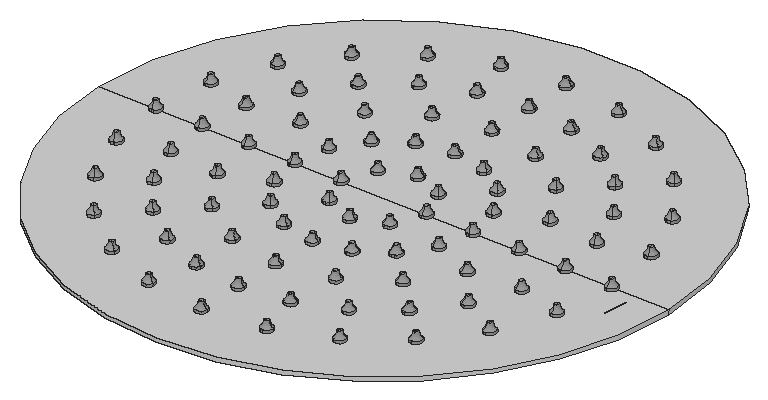
Revit family "Urbane II Rain Shower - 300mm Round", category Specialty Equipment, host Face, Revit 2019
Family settings
  Host = Face
  Round Connector Dimension = Use Radius
  Part Type = Normal
  OmniClass Number = 23.45.05.14.17
  OmniClass Title = Showers
  Cut with Voids When Loaded = No
  Shared = No
  Room Calculation Point = No
Parameters (values of type "Urbane II Rain Shower - 300mm Round - Chrome")
  URL = "https://www.caroma.com.au/"
  Model = "99634C3"
  Material_Spray = GWA-Plastic-General
  Material_Base = GWA_Metal-Chrome
  Manufacturer = "GWA Bathrooms & Kitchens"  # constant formula
  Description = "Urbane II Rain Shower - 300mm Round - Chrome"
  Default Elevation = 1000 mm
  CreatedBy_ANZRS = "GWA Bathrooms & Kitchens"  # constant formula
  Assembly Code = "D2010710"
Types (6, lengths in mm): name | Model | Material_Base | Description
  (no name) | "99634C3" | GWA_Metal-Chrome | "Urbane II Rain Shower - 300mm Round - Chrome"
  Urbane II Rain Shower - 300mm Round - Chrome | "99634C3" | GWA_Metal-Chrome | "Urbane II Rain Shower - 300mm Round - Chrome"
  Urbane II Rain Shower - 300mm Round - Matte Black | "99634B3" | GWA-Metal-Black | "Urbane II Rain Shower - 300mm Round - Matte Black"
  Urbane II Rain Shower - 300mm Round - Brushed Brass | "99634BB3" | GWA_Metal-Brushed-Brass | "Urbane II Rain Shower - 300mm Round - Brushed Brass"
  Urbane II Rain Shower - 300mm Round - Gunmetal | "99634GM3" | GWA-Metal-Gunmetal Grey | "Urbane II Rain Shower - 300mm Round - Gunmetal"
  Urbane II Rain Shower - 300mm Round - Brushed Nickel | "99634BN3" | GWA_Metal-Brushed-Nickel | "Urbane II Rain Shower - 300mm Round - Brushed Nickel"
Reference planes
  plane 1 "Center (Front/Back)": y = 0
  plane 2: z = 0
  plane 3 "Center (Left/Right)": x = 0
Forms (mm)
  Revolve 1, solid, material "GWA_Metal-Chrome" <- "Material_Base"
    sketch origin (0, 0, 43.3) x (-1, 0, 0) y (0, 0, -1)
      loop
        line (0, 0) -> (150, 0) -> (150, 2) -> (136.846, 2)
        arc (136.846, 2) -> (135.118, 2.125) -> (133.426, 2.498) r 12
        line (133.426, 2.498) -> (127.7, 4.2)
        arc (127.7, 4.2) -> (125.732, 5.535) -> (123.4, 6) r 6
        line (123.4, 6) -> (0, 6) -> (0, 0)
      axis (0, 6) -> (0, 0)
    angle from 0 to 360
  Revolve 2, solid, material "GWA_Metal-Chrome" <- "Material_Base"
    sketch origin (0, 0, 44.1) x (-1, 0, 0) y (0, 0, -1)
      loop
        line (0, 44.1) -> (-11.5, 44.1) -> (-11.5, 29.3) -> (-9, 28.6) -> (-9, 26.137)
        arc (-9, 26.137) -> (-10.937, 13.263) -> (0, 6.2) r 12
        line (0, 6.2) -> (0, 44.1)
      axis (0, 44.1) -> (0, 6.2)
    angle from 0 to 360
  Extrusion 3, void
    sketch origin (0, 0, 44.1) x (-1, 0, 0) y (0, 0, -1)
      loop
        line (-16, 34.3) -> (-16, 27.647) -> (-11, 27.647) -> (-11, 34.3) -> (-16, 34.3)
      loop
        line (16, 34.3) -> (11, 34.3) -> (11, 27.647) -> (16, 27.647) -> (16, 34.3)
    from -19.622 to 23.8
  Extrusion 4, void
    sketch origin (0, 0, 44.1) x (-1, 0, 0) y (0, 0, -1)
      loop
        line (-21.75, 25.341) -> (-21.75, 18.816) -> (-17.8, 18.816) -> (-17.8, 25.341) -> (-21.75, 25.341)
      loop
        line (21.75, 25.341) -> (17.8, 25.341) -> (17.8, 18.816) -> (21.75, 18.816) -> (21.75, 25.341)
    from -20 to 20
  Revolve 5, solid, material "GWA_Metal-Chrome" <- "Material_Base"
    sketch origin (0, 0, -0.8) x (1, 0, 0) y (0, 0, 1)
      loop
        line (0, 38.1) -> (0, 20.6) -> (17.5, 20.6)
        arc (17.5, 20.6) -> (18.561, 21.039) -> (19, 22.1) r 1.5
        line (19, 22.1) -> (19, 38.1) -> (0, 38.1)
      axis (0, 38.1) -> (0, 20.6)
    angle from 0 to 360
  Revolve 6, solid, material "GWA-Plastic-General" <- "Material_Spray", detail levels fine
    sketch origin (0, 22.5, 0) x (-1, 0, 0) y (0, 0, 1)
      loop
        line (0, 43.3) -> (0, 47.8) -> (-1.2, 47.8)
        arc (-1.2, 47.8) -> (-1.741, 45.865) -> (-3, 44.3) r 5
        line (-3, 44.3) -> (-3, 43.3) -> (0, 43.3)
      axis (0, 47.8) -> (0, 43.3)
    angle from 0 to 360
  Extrusion 7, void
    sketch origin (0, 0, -9) x (1, 0, 0) y (0, 0, 1)
      loop
        circle (0, 37.3) r 2
    from -20 to -18
  Revolve 8, solid, material "GWA-Plastic-General" <- "Material_Spray", detail levels fine
    sketch origin (0, 46.9, 0) x (-1, 0, 0) y (0, 0, 1)
      loop
        line (0, 43.3) -> (0, 47.8) -> (-1.2, 47.8)
        arc (-1.2, 47.8) -> (-1.741, 45.865) -> (-3, 44.3) r 5
        line (-3, 44.3) -> (-3, 43.3) -> (0, 43.3)
      axis (0, 47.8) -> (0, 43.3)
    angle from 0 to 360
  Revolve 9, solid, material "GWA-Plastic-General" <- "Material_Spray", detail levels fine
    sketch origin (0, 71.2, 0) x (-1, 0, 0) y (0, 0, 1)
      loop
        line (0, 43.3) -> (0, 47.8) -> (-1.2, 47.8)
        arc (-1.2, 47.8) -> (-1.741, 45.865) -> (-3, 44.3) r 5
        line (-3, 44.3) -> (-3, 43.3) -> (0, 43.3)
      axis (0, 47.8) -> (0, 43.3)
    angle from 0 to 360
  Revolve 10, solid, material "GWA-Plastic-General" <- "Material_Spray", detail levels fine
    sketch origin (0, 95.6, 0) x (-1, 0, 0) y (0, 0, 1)
      loop
        line (0, 43.3) -> (0, 47.8) -> (-1.2, 47.8)
        arc (-1.2, 47.8) -> (-1.741, 45.865) -> (-3, 44.3) r 5
        line (-3, 44.3) -> (-3, 43.3) -> (0, 43.3)
      axis (0, 47.8) -> (0, 43.3)
    angle from 0 to 360
  Revolve 11, solid, material "GWA-Plastic-General" <- "Material_Spray", detail levels fine
    sketch origin (0, 120, 0) x (-1, 0, 0) y (0, 0, 1)
      loop
        line (0, 43.3) -> (0, 47.8) -> (-1.2, 47.8)
        arc (-1.2, 47.8) -> (-1.741, 45.865) -> (-3, 44.3) r 5
        line (-3, 44.3) -> (-3, 43.3) -> (0, 43.3)
      axis (0, 47.8) -> (0, 43.3)
    angle from 0 to 360
  Revolve 12, solid, material "GWA-Plastic-General" <- "Material_Spray", detail levels fine
    sketch origin (15.91, 15.91, 0) x (-0.707107, 0.707107, 0) y (0, 0, 1)
      loop
        line (0, 43.3) -> (0, 47.8) -> (-1.2, 47.8)
        arc (-1.2, 47.8) -> (-1.741, 45.865) -> (-3, 44.3) r 5
        line (-3, 44.3) -> (-3, 43.3) -> (0, 43.3)
      axis (0, 47.8) -> (0, 43.3)
    angle from 0 to 360
  Revolve 13, solid, material "GWA-Plastic-General" <- "Material_Spray", detail levels fine
    sketch origin (-15.91, 15.91, 0) x (-0.707107, -0.707107, 0) y (0, 0, 1)
      loop
        line (0, 43.3) -> (0, 47.8) -> (-1.2, 47.8)
        arc (-1.2, 47.8) -> (-1.741, 45.865) -> (-3, 44.3) r 5
        line (-3, 44.3) -> (-3, 43.3) -> (0, 43.3)
      axis (0, 47.8) -> (0, 43.3)
    angle from 0 to 360
  Revolve 14, solid, material "GWA-Plastic-General" <- "Material_Spray", detail levels fine
    sketch origin (-22.5, 0, 0) x (0, -1, 0) y (0, 0, 1)
      loop
        line (0, 43.3) -> (0, 47.8) -> (-1.2, 47.8)
        arc (-1.2, 47.8) -> (-1.741, 45.865) -> (-3, 44.3) r 5
        line (-3, 44.3) -> (-3, 43.3) -> (0, 43.3)
      axis (0, 47.8) -> (0, 43.3)
    angle from 0 to 360
  Revolve 15, solid, material "GWA-Plastic-General" <- "Material_Spray", detail levels fine
    sketch origin (-15.91, -15.91, 0) x (0.707107, -0.707107, 0) y (0, 0, 1)
      loop
        line (0, 43.3) -> (0, 47.8) -> (-1.2, 47.8)
        arc (-1.2, 47.8) -> (-1.741, 45.865) -> (-3, 44.3) r 5
        line (-3, 44.3) -> (-3, 43.3) -> (0, 43.3)
      axis (0, 47.8) -> (0, 43.3)
    angle from 0 to 360
  Revolve 16, solid, material "GWA-Plastic-General" <- "Material_Spray", detail levels fine
    sketch origin (0, -22.5, 0) x (1, 0, 0) y (0, 0, 1)
      loop
        line (0, 43.3) -> (0, 47.8) -> (-1.2, 47.8)
        arc (-1.2, 47.8) -> (-1.741, 45.865) -> (-3, 44.3) r 5
        line (-3, 44.3) -> (-3, 43.3) -> (0, 43.3)
      axis (0, 47.8) -> (0, 43.3)
    angle from 0 to 360
  Revolve 17, solid, material "GWA-Plastic-General" <- "Material_Spray", detail levels fine
    sketch origin (15.91, -15.91, 0) x (0.707107, 0.707107, 0) y (0, 0, 1)
      loop
        line (0, 43.3) -> (0, 47.8) -> (-1.2, 47.8)
        arc (-1.2, 47.8) -> (-1.741, 45.865) -> (-3, 44.3) r 5
        line (-3, 44.3) -> (-3, 43.3) -> (0, 43.3)
      axis (0, 47.8) -> (0, 43.3)
    angle from 0 to 360
  Revolve 18, solid, material "GWA-Plastic-General" <- "Material_Spray", detail levels fine
    sketch origin (22.5, 0, 0) x (0, 1, 0) y (0, 0, 1)
      loop
        line (0, 43.3) -> (0, 47.8) -> (-1.2, 47.8)
        arc (-1.2, 47.8) -> (-1.741, 45.865) -> (-3, 44.3) r 5
        line (-3, 44.3) -> (-3, 43.3) -> (0, 43.3)
      axis (0, 47.8) -> (0, 43.3)
    angle from 0 to 360
  Revolve 19, solid, material "GWA-Plastic-General" <- "Material_Spray", detail levels fine
    sketch origin (17.948, 43.33, 0) x (-0.92388, 0.382683, 0) y (0, 0, 1)
      loop
        line (0, 43.3) -> (0, 47.8) -> (-1.2, 47.8)
        arc (-1.2, 47.8) -> (-1.741, 45.865) -> (-3, 44.3) r 5
        line (-3, 44.3) -> (-3, 43.3) -> (0, 43.3)
      axis (0, 47.8) -> (0, 43.3)
    angle from 0 to 360
  Revolve 20, solid, material "GWA-Plastic-General" <- "Material_Spray", detail levels fine
    sketch origin (-17.948, 43.33, 0) x (-0.92388, -0.382683, 0) y (0, 0, 1)
      loop
        line (0, 43.3) -> (0, 47.8) -> (-1.2, 47.8)
        arc (-1.2, 47.8) -> (-1.741, 45.865) -> (-3, 44.3) r 5
        line (-3, 44.3) -> (-3, 43.3) -> (0, 43.3)
      axis (0, 47.8) -> (0, 43.3)
    angle from 0 to 360
  Revolve 21, solid, material "GWA-Plastic-General" <- "Material_Spray", detail levels fine
    sketch origin (-33.163, 33.163, 0) x (-0.707107, -0.707107, 0) y (0, 0, 1)
      loop
        line (0, 43.3) -> (0, 47.8) -> (-1.2, 47.8)
        arc (-1.2, 47.8) -> (-1.741, 45.865) -> (-3, 44.3) r 5
        line (-3, 44.3) -> (-3, 43.3) -> (0, 43.3)
      axis (0, 47.8) -> (0, 43.3)
    angle from 0 to 360
  Revolve 22, solid, material "GWA-Plastic-General" <- "Material_Spray", detail levels fine
    sketch origin (-43.33, 17.948, 0) x (-0.382683, -0.92388, 0) y (0, 0, 1)
      loop
        line (0, 43.3) -> (0, 47.8) -> (-1.2, 47.8)
        arc (-1.2, 47.8) -> (-1.741, 45.865) -> (-3, 44.3) r 5
        line (-3, 44.3) -> (-3, 43.3) -> (0, 43.3)
      axis (0, 47.8) -> (0, 43.3)
    angle from 0 to 360
  Revolve 23, solid, material "GWA-Plastic-General" <- "Material_Spray", detail levels fine
    sketch origin (-46.9, 0, 0) x (0, -1, 0) y (0, 0, 1)
      loop
        line (0, 43.3) -> (0, 47.8) -> (-1.2, 47.8)
        arc (-1.2, 47.8) -> (-1.741, 45.865) -> (-3, 44.3) r 5
        line (-3, 44.3) -> (-3, 43.3) -> (0, 43.3)
      axis (0, 47.8) -> (0, 43.3)
    angle from 0 to 360
  Revolve 24, solid, material "GWA-Plastic-General" <- "Material_Spray", detail levels fine
    sketch origin (-43.33, -17.948, 0) x (0.382683, -0.92388, 0) y (0, 0, 1)
      loop
        line (0, 43.3) -> (0, 47.8) -> (-1.2, 47.8)
        arc (-1.2, 47.8) -> (-1.741, 45.865) -> (-3, 44.3) r 5
        line (-3, 44.3) -> (-3, 43.3) -> (0, 43.3)
      axis (0, 47.8) -> (0, 43.3)
    angle from 0 to 360
  Revolve 25, solid, material "GWA-Plastic-General" <- "Material_Spray", detail levels fine
    sketch origin (-33.163, -33.163, 0) x (0.707107, -0.707107, 0) y (0, 0, 1)
      loop
        line (0, 43.3) -> (0, 47.8) -> (-1.2, 47.8)
        arc (-1.2, 47.8) -> (-1.741, 45.865) -> (-3, 44.3) r 5
        line (-3, 44.3) -> (-3, 43.3) -> (0, 43.3)
      axis (0, 47.8) -> (0, 43.3)
    angle from 0 to 360
  Revolve 26, solid, material "GWA-Plastic-General" <- "Material_Spray", detail levels fine
    sketch origin (-17.948, -43.33, 0) x (0.92388, -0.382683, 0) y (0, 0, 1)
      loop
        line (0, 43.3) -> (0, 47.8) -> (-1.2, 47.8)
        arc (-1.2, 47.8) -> (-1.741, 45.865) -> (-3, 44.3) r 5
        line (-3, 44.3) -> (-3, 43.3) -> (0, 43.3)
      axis (0, 47.8) -> (0, 43.3)
    angle from 0 to 360
  Revolve 27, solid, material "GWA-Plastic-General" <- "Material_Spray", detail levels fine
    sketch origin (0, -46.9, 0) x (1, 0, 0) y (0, 0, 1)
      loop
        line (0, 43.3) -> (0, 47.8) -> (-1.2, 47.8)
        arc (-1.2, 47.8) -> (-1.741, 45.865) -> (-3, 44.3) r 5
        line (-3, 44.3) -> (-3, 43.3) -> (0, 43.3)
      axis (0, 47.8) -> (0, 43.3)
    angle from 0 to 360
  Revolve 28, solid, material "GWA-Plastic-General" <- "Material_Spray", detail levels fine
    sketch origin (17.948, -43.33, 0) x (0.92388, 0.382683, 0) y (0, 0, 1)
      loop
        line (0, 43.3) -> (0, 47.8) -> (-1.2, 47.8)
        arc (-1.2, 47.8) -> (-1.741, 45.865) -> (-3, 44.3) r 5
        line (-3, 44.3) -> (-3, 43.3) -> (0, 43.3)
      axis (0, 47.8) -> (0, 43.3)
    angle from 0 to 360
  Revolve 29, solid, material "GWA-Plastic-General" <- "Material_Spray", detail levels fine
    sketch origin (33.163, -33.163, 0) x (0.707107, 0.707107, 0) y (0, 0, 1)
      loop
        line (0, 43.3) -> (0, 47.8) -> (-1.2, 47.8)
        arc (-1.2, 47.8) -> (-1.741, 45.865) -> (-3, 44.3) r 5
        line (-3, 44.3) -> (-3, 43.3) -> (0, 43.3)
      axis (0, 47.8) -> (0, 43.3)
    angle from 0 to 360
  Revolve 30, solid, material "GWA-Plastic-General" <- "Material_Spray", detail levels fine
    sketch origin (43.33, -17.948, 0) x (0.382683, 0.92388, 0) y (0, 0, 1)
      loop
        line (0, 43.3) -> (0, 47.8) -> (-1.2, 47.8)
        arc (-1.2, 47.8) -> (-1.741, 45.865) -> (-3, 44.3) r 5
        line (-3, 44.3) -> (-3, 43.3) -> (0, 43.3)
      axis (0, 47.8) -> (0, 43.3)
    angle from 0 to 360
  Revolve 31, solid, material "GWA-Plastic-General" <- "Material_Spray", detail levels fine
    sketch origin (46.9, 0, 0) x (0, 1, 0) y (0, 0, 1)
      loop
        line (0, 43.3) -> (0, 47.8) -> (-1.2, 47.8)
        arc (-1.2, 47.8) -> (-1.741, 45.865) -> (-3, 44.3) r 5
        line (-3, 44.3) -> (-3, 43.3) -> (0, 43.3)
      axis (0, 47.8) -> (0, 43.3)
    angle from 0 to 360
  Revolve 32, solid, material "GWA-Plastic-General" <- "Material_Spray", detail levels fine
    sketch origin (43.33, 17.948, 0) x (-0.382683, 0.92388, 0) y (0, 0, 1)
      loop
        line (0, 43.3) -> (0, 47.8) -> (-1.2, 47.8)
        arc (-1.2, 47.8) -> (-1.741, 45.865) -> (-3, 44.3) r 5
        line (-3, 44.3) -> (-3, 43.3) -> (0, 43.3)
      axis (0, 47.8) -> (0, 43.3)
    angle from 0 to 360
  Revolve 33, solid, material "GWA-Plastic-General" <- "Material_Spray", detail levels fine
    sketch origin (33.163, 33.163, 0) x (-0.707107, 0.707107, 0) y (0, 0, 1)
      loop
        line (0, 43.3) -> (0, 47.8) -> (-1.2, 47.8)
        arc (-1.2, 47.8) -> (-1.741, 45.865) -> (-3, 44.3) r 5
        line (-3, 44.3) -> (-3, 43.3) -> (0, 43.3)
      axis (0, 47.8) -> (0, 43.3)
    angle from 0 to 360
  Revolve 34, solid, material "GWA-Plastic-General" <- "Material_Spray", detail levels fine
    sketch origin (27.247, 65.78, 0) x (-0.92388, 0.382683, 0) y (0, 0, 1)
      loop
        line (0, 43.3) -> (0, 47.8) -> (-1.2, 47.8)
        arc (-1.2, 47.8) -> (-1.741, 45.865) -> (-3, 44.3) r 5
        line (-3, 44.3) -> (-3, 43.3) -> (0, 43.3)
      axis (0, 47.8) -> (0, 43.3)
    angle from 0 to 360
  Revolve 35, solid, material "GWA-Plastic-General" <- "Material_Spray", detail levels fine
    sketch origin (-27.247, 65.78, 0) x (-0.92388, -0.382683, 0) y (0, 0, 1)
      loop
        line (0, 43.3) -> (0, 47.8) -> (-1.2, 47.8)
        arc (-1.2, 47.8) -> (-1.741, 45.865) -> (-3, 44.3) r 5
        line (-3, 44.3) -> (-3, 43.3) -> (0, 43.3)
      axis (0, 47.8) -> (0, 43.3)
    angle from 0 to 360
  Revolve 36, solid, material "GWA-Plastic-General" <- "Material_Spray", detail levels fine
    sketch origin (-50.346, 50.346, 0) x (-0.707107, -0.707107, 0) y (0, 0, 1)
      loop
        line (0, 43.3) -> (0, 47.8) -> (-1.2, 47.8)
        arc (-1.2, 47.8) -> (-1.741, 45.865) -> (-3, 44.3) r 5
        line (-3, 44.3) -> (-3, 43.3) -> (0, 43.3)
      axis (0, 47.8) -> (0, 43.3)
    angle from 0 to 360
  Revolve 37, solid, material "GWA-Plastic-General" <- "Material_Spray", detail levels fine
    sketch origin (-65.78, 27.247, 0) x (-0.382683, -0.92388, 0) y (0, 0, 1)
      loop
        line (0, 43.3) -> (0, 47.8) -> (-1.2, 47.8)
        arc (-1.2, 47.8) -> (-1.741, 45.865) -> (-3, 44.3) r 5
        line (-3, 44.3) -> (-3, 43.3) -> (0, 43.3)
      axis (0, 47.8) -> (0, 43.3)
    angle from 0 to 360
  Revolve 38, solid, material "GWA-Plastic-General" <- "Material_Spray", detail levels fine
    sketch origin (-71.2, 0, 0) x (0, -1, 0) y (0, 0, 1)
      loop
        line (0, 43.3) -> (0, 47.8) -> (-1.2, 47.8)
        arc (-1.2, 47.8) -> (-1.741, 45.865) -> (-3, 44.3) r 5
        line (-3, 44.3) -> (-3, 43.3) -> (0, 43.3)
      axis (0, 47.8) -> (0, 43.3)
    angle from 0 to 360
  Revolve 39, solid, material "GWA-Plastic-General" <- "Material_Spray", detail levels fine
    sketch origin (-65.78, -27.247, 0) x (0.382683, -0.92388, 0) y (0, 0, 1)
      loop
        line (0, 43.3) -> (0, 47.8) -> (-1.2, 47.8)
        arc (-1.2, 47.8) -> (-1.741, 45.865) -> (-3, 44.3) r 5
        line (-3, 44.3) -> (-3, 43.3) -> (0, 43.3)
      axis (0, 47.8) -> (0, 43.3)
    angle from 0 to 360
  Revolve 40, solid, material "GWA-Plastic-General" <- "Material_Spray", detail levels fine
    sketch origin (-50.346, -50.346, 0) x (0.707107, -0.707107, 0) y (0, 0, 1)
      loop
        line (0, 43.3) -> (0, 47.8) -> (-1.2, 47.8)
        arc (-1.2, 47.8) -> (-1.741, 45.865) -> (-3, 44.3) r 5
        line (-3, 44.3) -> (-3, 43.3) -> (0, 43.3)
      axis (0, 47.8) -> (0, 43.3)
    angle from 0 to 360
  Revolve 41, solid, material "GWA-Plastic-General" <- "Material_Spray", detail levels fine
    sketch origin (-27.247, -65.78, 0) x (0.92388, -0.382683, 0) y (0, 0, 1)
      loop
        line (0, 43.3) -> (0, 47.8) -> (-1.2, 47.8)
        arc (-1.2, 47.8) -> (-1.741, 45.865) -> (-3, 44.3) r 5
        line (-3, 44.3) -> (-3, 43.3) -> (0, 43.3)
      axis (0, 47.8) -> (0, 43.3)
    angle from 0 to 360
  Revolve 42, solid, material "GWA-Plastic-General" <- "Material_Spray", detail levels fine
    sketch origin (0, -71.2, 0) x (1, 0, 0) y (0, 0, 1)
      loop
        line (0, 43.3) -> (0, 47.8) -> (-1.2, 47.8)
        arc (-1.2, 47.8) -> (-1.741, 45.865) -> (-3, 44.3) r 5
        line (-3, 44.3) -> (-3, 43.3) -> (0, 43.3)
      axis (0, 47.8) -> (0, 43.3)
    angle from 0 to 360
  Revolve 43, solid, material "GWA-Plastic-General" <- "Material_Spray", detail levels fine
    sketch origin (27.247, -65.78, 0) x (0.92388, 0.382683, 0) y (0, 0, 1)
      loop
        line (0, 43.3) -> (0, 47.8) -> (-1.2, 47.8)
        arc (-1.2, 47.8) -> (-1.741, 45.865) -> (-3, 44.3) r 5
        line (-3, 44.3) -> (-3, 43.3) -> (0, 43.3)
      axis (0, 47.8) -> (0, 43.3)
    angle from 0 to 360
  Revolve 44, solid, material "GWA-Plastic-General" <- "Material_Spray", detail levels fine
    sketch origin (50.346, -50.346, 0) x (0.707107, 0.707107, 0) y (0, 0, 1)
      loop
        line (0, 43.3) -> (0, 47.8) -> (-1.2, 47.8)
        arc (-1.2, 47.8) -> (-1.741, 45.865) -> (-3, 44.3) r 5
        line (-3, 44.3) -> (-3, 43.3) -> (0, 43.3)
      axis (0, 47.8) -> (0, 43.3)
    angle from 0 to 360
  Revolve 45, solid, material "GWA-Plastic-General" <- "Material_Spray", detail levels fine
    sketch origin (65.78, -27.247, 0) x (0.382683, 0.92388, 0) y (0, 0, 1)
      loop
        line (0, 43.3) -> (0, 47.8) -> (-1.2, 47.8)
        arc (-1.2, 47.8) -> (-1.741, 45.865) -> (-3, 44.3) r 5
        line (-3, 44.3) -> (-3, 43.3) -> (0, 43.3)
      axis (0, 47.8) -> (0, 43.3)
    angle from 0 to 360
  Revolve 46, solid, material "GWA-Plastic-General" <- "Material_Spray", detail levels fine
    sketch origin (71.2, 0, 0) x (0, 1, 0) y (0, 0, 1)
      loop
        line (0, 43.3) -> (0, 47.8) -> (-1.2, 47.8)
        arc (-1.2, 47.8) -> (-1.741, 45.865) -> (-3, 44.3) r 5
        line (-3, 44.3) -> (-3, 43.3) -> (0, 43.3)
      axis (0, 47.8) -> (0, 43.3)
    angle from 0 to 360
  Revolve 47, solid, material "GWA-Plastic-General" <- "Material_Spray", detail levels fine
    sketch origin (65.78, 27.247, 0) x (-0.382683, 0.92388, 0) y (0, 0, 1)
      loop
        line (0, 43.3) -> (0, 47.8) -> (-1.2, 47.8)
        arc (-1.2, 47.8) -> (-1.741, 45.865) -> (-3, 44.3) r 5
        line (-3, 44.3) -> (-3, 43.3) -> (0, 43.3)
      axis (0, 47.8) -> (0, 43.3)
    angle from 0 to 360
  Revolve 48, solid, material "GWA-Plastic-General" <- "Material_Spray", detail levels fine
    sketch origin (50.346, 50.346, 0) x (-0.707107, 0.707107, 0) y (0, 0, 1)
      loop
        line (0, 43.3) -> (0, 47.8) -> (-1.2, 47.8)
        arc (-1.2, 47.8) -> (-1.741, 45.865) -> (-3, 44.3) r 5
        line (-3, 44.3) -> (-3, 43.3) -> (0, 43.3)
      axis (0, 47.8) -> (0, 43.3)
    angle from 0 to 360
  Revolve 49, solid, material "GWA-Plastic-General" <- "Material_Spray", detail levels fine
    sketch origin (24.743, 92.343, 0) x (-0.965926, 0.258819, 0) y (0, 0, 1)
      loop
        line (0, 43.3) -> (0, 47.8) -> (-1.2, 47.8)
        arc (-1.2, 47.8) -> (-1.741, 45.865) -> (-3, 44.3) r 5
        line (-3, 44.3) -> (-3, 43.3) -> (0, 43.3)
      axis (0, 47.8) -> (0, 43.3)
    angle from 0 to 360
  Revolve 50, solid, material "GWA-Plastic-General" <- "Material_Spray", detail levels fine
    sketch origin (-24.743, 92.343, 0) x (-0.965926, -0.258819, 0) y (0, 0, 1)
      loop
        line (0, 43.3) -> (0, 47.8) -> (-1.2, 47.8)
        arc (-1.2, 47.8) -> (-1.741, 45.865) -> (-3, 44.3) r 5
        line (-3, 44.3) -> (-3, 43.3) -> (0, 43.3)
      axis (0, 47.8) -> (0, 43.3)
    angle from 0 to 360
  Revolve 51, solid, material "GWA-Plastic-General" <- "Material_Spray", detail levels fine
    sketch origin (-47.8, 82.792, 0) x (-0.866025, -0.5, 0) y (0, 0, 1)
      loop
        line (0, 43.3) -> (0, 47.8) -> (-1.2, 47.8)
        arc (-1.2, 47.8) -> (-1.741, 45.865) -> (-3, 44.3) r 5
        line (-3, 44.3) -> (-3, 43.3) -> (0, 43.3)
      axis (0, 47.8) -> (0, 43.3)
    angle from 0 to 360
  Revolve 52, solid, material "GWA-Plastic-General" <- "Material_Spray", detail levels fine
    sketch origin (-67.599, 67.599, 0) x (-0.707107, -0.707107, 0) y (0, 0, 1)
      loop
        line (0, 43.3) -> (0, 47.8) -> (-1.2, 47.8)
        arc (-1.2, 47.8) -> (-1.741, 45.865) -> (-3, 44.3) r 5
        line (-3, 44.3) -> (-3, 43.3) -> (0, 43.3)
      axis (0, 47.8) -> (0, 43.3)
    angle from 0 to 360
  Revolve 53, solid, material "GWA-Plastic-General" <- "Material_Spray", detail levels fine
    sketch origin (-82.792, 47.8, 0) x (-0.5, -0.866025, 0) y (0, 0, 1)
      loop
        line (0, 43.3) -> (0, 47.8) -> (-1.2, 47.8)
        arc (-1.2, 47.8) -> (-1.741, 45.865) -> (-3, 44.3) r 5
        line (-3, 44.3) -> (-3, 43.3) -> (0, 43.3)
      axis (0, 47.8) -> (0, 43.3)
    angle from 0 to 360
  Revolve 54, solid, material "GWA-Plastic-General" <- "Material_Spray", detail levels fine
    sketch origin (-92.343, 24.743, 0) x (-0.258819, -0.965926, 0) y (0, 0, 1)
      loop
        line (0, 43.3) -> (0, 47.8) -> (-1.2, 47.8)
        arc (-1.2, 47.8) -> (-1.741, 45.865) -> (-3, 44.3) r 5
        line (-3, 44.3) -> (-3, 43.3) -> (0, 43.3)
      axis (0, 47.8) -> (0, 43.3)
    angle from 0 to 360
  Revolve 55, solid, material "GWA-Plastic-General" <- "Material_Spray", detail levels fine
    sketch origin (-95.6, 0, 0) x (0, -1, 0) y (0, 0, 1)
      loop
        line (0, 43.3) -> (0, 47.8) -> (-1.2, 47.8)
        arc (-1.2, 47.8) -> (-1.741, 45.865) -> (-3, 44.3) r 5
        line (-3, 44.3) -> (-3, 43.3) -> (0, 43.3)
      axis (0, 47.8) -> (0, 43.3)
    angle from 0 to 360
  Revolve 56, solid, material "GWA-Plastic-General" <- "Material_Spray", detail levels fine
    sketch origin (-92.343, -24.743, 0) x (0.258819, -0.965926, 0) y (0, 0, 1)
      loop
        line (0, 43.3) -> (0, 47.8) -> (-1.2, 47.8)
        arc (-1.2, 47.8) -> (-1.741, 45.865) -> (-3, 44.3) r 5
        line (-3, 44.3) -> (-3, 43.3) -> (0, 43.3)
      axis (0, 47.8) -> (0, 43.3)
    angle from 0 to 360
  Revolve 57, solid, material "GWA-Plastic-General" <- "Material_Spray", detail levels fine
    sketch origin (-82.792, -47.8, 0) x (0.5, -0.866025, 0) y (0, 0, 1)
      loop
        line (0, 43.3) -> (0, 47.8) -> (-1.2, 47.8)
        arc (-1.2, 47.8) -> (-1.741, 45.865) -> (-3, 44.3) r 5
        line (-3, 44.3) -> (-3, 43.3) -> (0, 43.3)
      axis (0, 47.8) -> (0, 43.3)
    angle from 0 to 360
  Revolve 58, solid, material "GWA-Plastic-General" <- "Material_Spray", detail levels fine
    sketch origin (-67.599, -67.599, 0) x (0.707107, -0.707107, 0) y (0, 0, 1)
      loop
        line (0, 43.3) -> (0, 47.8) -> (-1.2, 47.8)
        arc (-1.2, 47.8) -> (-1.741, 45.865) -> (-3, 44.3) r 5
        line (-3, 44.3) -> (-3, 43.3) -> (0, 43.3)
      axis (0, 47.8) -> (0, 43.3)
    angle from 0 to 360
  Revolve 59, solid, material "GWA-Plastic-General" <- "Material_Spray", detail levels fine
    sketch origin (-47.8, -82.792, 0) x (0.866025, -0.5, 0) y (0, 0, 1)
      loop
        line (0, 43.3) -> (0, 47.8) -> (-1.2, 47.8)
        arc (-1.2, 47.8) -> (-1.741, 45.865) -> (-3, 44.3) r 5
        line (-3, 44.3) -> (-3, 43.3) -> (0, 43.3)
      axis (0, 47.8) -> (0, 43.3)
    angle from 0 to 360
  Revolve 60, solid, material "GWA-Plastic-General" <- "Material_Spray", detail levels fine
    sketch origin (-24.743, -92.343, 0) x (0.965926, -0.258819, 0) y (0, 0, 1)
      loop
        line (0, 43.3) -> (0, 47.8) -> (-1.2, 47.8)
        arc (-1.2, 47.8) -> (-1.741, 45.865) -> (-3, 44.3) r 5
        line (-3, 44.3) -> (-3, 43.3) -> (0, 43.3)
      axis (0, 47.8) -> (0, 43.3)
    angle from 0 to 360
  Revolve 61, solid, material "GWA-Plastic-General" <- "Material_Spray", detail levels fine
    sketch origin (0, -95.6, 0) x (1, 0, 0) y (0, 0, 1)
      loop
        line (0, 43.3) -> (0, 47.8) -> (-1.2, 47.8)
        arc (-1.2, 47.8) -> (-1.741, 45.865) -> (-3, 44.3) r 5
        line (-3, 44.3) -> (-3, 43.3) -> (0, 43.3)
      axis (0, 47.8) -> (0, 43.3)
    angle from 0 to 360
  Revolve 62, solid, material "GWA-Plastic-General" <- "Material_Spray", detail levels fine
    sketch origin (24.743, -92.343, 0) x (0.965926, 0.258819, 0) y (0, 0, 1)
      loop
        line (0, 43.3) -> (0, 47.8) -> (-1.2, 47.8)
        arc (-1.2, 47.8) -> (-1.741, 45.865) -> (-3, 44.3) r 5
        line (-3, 44.3) -> (-3, 43.3) -> (0, 43.3)
      axis (0, 47.8) -> (0, 43.3)
    angle from 0 to 360
  Revolve 63, solid, material "GWA-Plastic-General" <- "Material_Spray", detail levels fine
    sketch origin (47.8, -82.792, 0) x (0.866025, 0.5, 0) y (0, 0, 1)
      loop
        line (0, 43.3) -> (0, 47.8) -> (-1.2, 47.8)
        arc (-1.2, 47.8) -> (-1.741, 45.865) -> (-3, 44.3) r 5
        line (-3, 44.3) -> (-3, 43.3) -> (0, 43.3)
      axis (0, 47.8) -> (0, 43.3)
    angle from 0 to 360
  Revolve 64, solid, material "GWA-Plastic-General" <- "Material_Spray", detail levels fine
    sketch origin (67.599, -67.599, 0) x (0.707107, 0.707107, 0) y (0, 0, 1)
      loop
        line (0, 43.3) -> (0, 47.8) -> (-1.2, 47.8)
        arc (-1.2, 47.8) -> (-1.741, 45.865) -> (-3, 44.3) r 5
        line (-3, 44.3) -> (-3, 43.3) -> (0, 43.3)
      axis (0, 47.8) -> (0, 43.3)
    angle from 0 to 360
  Revolve 65, solid, material "GWA-Plastic-General" <- "Material_Spray", detail levels fine
    sketch origin (82.792, -47.8, 0) x (0.5, 0.866025, 0) y (0, 0, 1)
      loop
        line (0, 43.3) -> (0, 47.8) -> (-1.2, 47.8)
        arc (-1.2, 47.8) -> (-1.741, 45.865) -> (-3, 44.3) r 5
        line (-3, 44.3) -> (-3, 43.3) -> (0, 43.3)
      axis (0, 47.8) -> (0, 43.3)
    angle from 0 to 360
  Revolve 66, solid, material "GWA-Plastic-General" <- "Material_Spray", detail levels fine
    sketch origin (92.343, -24.743, 0) x (0.258819, 0.965926, 0) y (0, 0, 1)
      loop
        line (0, 43.3) -> (0, 47.8) -> (-1.2, 47.8)
        arc (-1.2, 47.8) -> (-1.741, 45.865) -> (-3, 44.3) r 5
        line (-3, 44.3) -> (-3, 43.3) -> (0, 43.3)
      axis (0, 47.8) -> (0, 43.3)
    angle from 0 to 360
  Revolve 67, solid, material "GWA-Plastic-General" <- "Material_Spray", detail levels fine
    sketch origin (95.6, 0, 0) x (0, 1, 0) y (0, 0, 1)
      loop
        line (0, 43.3) -> (0, 47.8) -> (-1.2, 47.8)
        arc (-1.2, 47.8) -> (-1.741, 45.865) -> (-3, 44.3) r 5
        line (-3, 44.3) -> (-3, 43.3) -> (0, 43.3)
      axis (0, 47.8) -> (0, 43.3)
    angle from 0 to 360
  Revolve 68, solid, material "GWA-Plastic-General" <- "Material_Spray", detail levels fine
    sketch origin (92.343, 24.743, 0) x (-0.258819, 0.965926, 0) y (0, 0, 1)
      loop
        line (0, 43.3) -> (0, 47.8) -> (-1.2, 47.8)
        arc (-1.2, 47.8) -> (-1.741, 45.865) -> (-3, 44.3) r 5
        line (-3, 44.3) -> (-3, 43.3) -> (0, 43.3)
      axis (0, 47.8) -> (0, 43.3)
    angle from 0 to 360
  Revolve 69, solid, material "GWA-Plastic-General" <- "Material_Spray", detail levels fine
    sketch origin (82.792, 47.8, 0) x (-0.5, 0.866025, 0) y (0, 0, 1)
      loop
        line (0, 43.3) -> (0, 47.8) -> (-1.2, 47.8)
        arc (-1.2, 47.8) -> (-1.741, 45.865) -> (-3, 44.3) r 5
        line (-3, 44.3) -> (-3, 43.3) -> (0, 43.3)
      axis (0, 47.8) -> (0, 43.3)
    angle from 0 to 360
  Revolve 70, solid, material "GWA-Plastic-General" <- "Material_Spray", detail levels fine
    sketch origin (67.599, 67.599, 0) x (-0.707107, 0.707107, 0) y (0, 0, 1)
      loop
        line (0, 43.3) -> (0, 47.8) -> (-1.2, 47.8)
        arc (-1.2, 47.8) -> (-1.741, 45.865) -> (-3, 44.3) r 5
        line (-3, 44.3) -> (-3, 43.3) -> (0, 43.3)
      axis (0, 47.8) -> (0, 43.3)
    angle from 0 to 360
  Revolve 71, solid, material "GWA-Plastic-General" <- "Material_Spray", detail levels fine
    sketch origin (47.8, 82.792, 0) x (-0.866025, 0.5, 0) y (0, 0, 1)
      loop
        line (0, 43.3) -> (0, 47.8) -> (-1.2, 47.8)
        arc (-1.2, 47.8) -> (-1.741, 45.865) -> (-3, 44.3) r 5
        line (-3, 44.3) -> (-3, 43.3) -> (0, 43.3)
      axis (0, 47.8) -> (0, 43.3)
    angle from 0 to 360
  Revolve 72, solid, material "GWA-Plastic-General" <- "Material_Spray", detail levels fine
    sketch origin (31.058, 115.911, 0) x (-0.965926, 0.258819, 0) y (0, 0, 1)
      loop
        line (0, 43.3) -> (0, 47.8) -> (-1.2, 47.8)
        arc (-1.2, 47.8) -> (-1.741, 45.865) -> (-3, 44.3) r 5
        line (-3, 44.3) -> (-3, 43.3) -> (0, 43.3)
      axis (0, 47.8) -> (0, 43.3)
    angle from 0 to 360
  Revolve 73, solid, material "GWA-Plastic-General" <- "Material_Spray", detail levels fine
    sketch origin (-31.058, 115.911, 0) x (-0.965926, -0.258819, 0) y (0, 0, 1)
      loop
        line (0, 43.3) -> (0, 47.8) -> (-1.2, 47.8)
        arc (-1.2, 47.8) -> (-1.741, 45.865) -> (-3, 44.3) r 5
        line (-3, 44.3) -> (-3, 43.3) -> (0, 43.3)
      axis (0, 47.8) -> (0, 43.3)
    angle from 0 to 360
  Revolve 74, solid, material "GWA-Plastic-General" <- "Material_Spray", detail levels fine
    sketch origin (-60, 103.923, 0) x (-0.866025, -0.5, 0) y (0, 0, 1)
      loop
        line (0, 43.3) -> (0, 47.8) -> (-1.2, 47.8)
        arc (-1.2, 47.8) -> (-1.741, 45.865) -> (-3, 44.3) r 5
        line (-3, 44.3) -> (-3, 43.3) -> (0, 43.3)
      axis (0, 47.8) -> (0, 43.3)
    angle from 0 to 360
  Revolve 75, solid, material "GWA-Plastic-General" <- "Material_Spray", detail levels fine
    sketch origin (-84.853, 84.853, 0) x (-0.707107, -0.707107, 0) y (0, 0, 1)
      loop
        line (0, 43.3) -> (0, 47.8) -> (-1.2, 47.8)
        arc (-1.2, 47.8) -> (-1.741, 45.865) -> (-3, 44.3) r 5
        line (-3, 44.3) -> (-3, 43.3) -> (0, 43.3)
      axis (0, 47.8) -> (0, 43.3)
    angle from 0 to 360
  Revolve 76, solid, material "GWA-Plastic-General" <- "Material_Spray", detail levels fine
    sketch origin (-103.923, 60, 0) x (-0.5, -0.866025, 0) y (0, 0, 1)
      loop
        line (0, 43.3) -> (0, 47.8) -> (-1.2, 47.8)
        arc (-1.2, 47.8) -> (-1.741, 45.865) -> (-3, 44.3) r 5
        line (-3, 44.3) -> (-3, 43.3) -> (0, 43.3)
      axis (0, 47.8) -> (0, 43.3)
    angle from 0 to 360
  Revolve 77, solid, material "GWA-Plastic-General" <- "Material_Spray", detail levels fine
    sketch origin (-115.911, 31.058, 0) x (-0.258819, -0.965926, 0) y (0, 0, 1)
      loop
        line (0, 43.3) -> (0, 47.8) -> (-1.2, 47.8)
        arc (-1.2, 47.8) -> (-1.741, 45.865) -> (-3, 44.3) r 5
        line (-3, 44.3) -> (-3, 43.3) -> (0, 43.3)
      axis (0, 47.8) -> (0, 43.3)
    angle from 0 to 360
  Revolve 78, solid, material "GWA-Plastic-General" <- "Material_Spray", detail levels fine
    sketch origin (-120, 0, 0) x (0, -1, 0) y (0, 0, 1)
      loop
        line (0, 43.3) -> (0, 47.8) -> (-1.2, 47.8)
        arc (-1.2, 47.8) -> (-1.741, 45.865) -> (-3, 44.3) r 5
        line (-3, 44.3) -> (-3, 43.3) -> (0, 43.3)
      axis (0, 47.8) -> (0, 43.3)
    angle from 0 to 360
  Revolve 79, solid, material "GWA-Plastic-General" <- "Material_Spray", detail levels fine
    sketch origin (-115.911, -31.058, 0) x (0.258819, -0.965926, 0) y (0, 0, 1)
      loop
        line (0, 43.3) -> (0, 47.8) -> (-1.2, 47.8)
        arc (-1.2, 47.8) -> (-1.741, 45.865) -> (-3, 44.3) r 5
        line (-3, 44.3) -> (-3, 43.3) -> (0, 43.3)
      axis (0, 47.8) -> (0, 43.3)
    angle from 0 to 360
  Revolve 80, solid, material "GWA-Plastic-General" <- "Material_Spray", detail levels fine
    sketch origin (-103.923, -60, 0) x (0.5, -0.866025, 0) y (0, 0, 1)
      loop
        line (0, 43.3) -> (0, 47.8) -> (-1.2, 47.8)
        arc (-1.2, 47.8) -> (-1.741, 45.865) -> (-3, 44.3) r 5
        line (-3, 44.3) -> (-3, 43.3) -> (0, 43.3)
      axis (0, 47.8) -> (0, 43.3)
    angle from 0 to 360
  Revolve 81, solid, material "GWA-Plastic-General" <- "Material_Spray", detail levels fine
    sketch origin (-84.853, -84.853, 0) x (0.707107, -0.707107, 0) y (0, 0, 1)
      loop
        line (0, 43.3) -> (0, 47.8) -> (-1.2, 47.8)
        arc (-1.2, 47.8) -> (-1.741, 45.865) -> (-3, 44.3) r 5
        line (-3, 44.3) -> (-3, 43.3) -> (0, 43.3)
      axis (0, 47.8) -> (0, 43.3)
    angle from 0 to 360
  Revolve 82, solid, material "GWA-Plastic-General" <- "Material_Spray", detail levels fine
    sketch origin (-60, -103.923, 0) x (0.866025, -0.5, 0) y (0, 0, 1)
      loop
        line (0, 43.3) -> (0, 47.8) -> (-1.2, 47.8)
        arc (-1.2, 47.8) -> (-1.741, 45.865) -> (-3, 44.3) r 5
        line (-3, 44.3) -> (-3, 43.3) -> (0, 43.3)
      axis (0, 47.8) -> (0, 43.3)
    angle from 0 to 360
  Revolve 83, solid, material "GWA-Plastic-General" <- "Material_Spray", detail levels fine
    sketch origin (-31.058, -115.911, 0) x (0.965926, -0.258819, 0) y (0, 0, 1)
      loop
        line (0, 43.3) -> (0, 47.8) -> (-1.2, 47.8)
        arc (-1.2, 47.8) -> (-1.741, 45.865) -> (-3, 44.3) r 5
        line (-3, 44.3) -> (-3, 43.3) -> (0, 43.3)
      axis (0, 47.8) -> (0, 43.3)
    angle from 0 to 360
  Revolve 84, solid, material "GWA-Plastic-General" <- "Material_Spray", detail levels fine
    sketch origin (0, -120, 0) x (1, 0, 0) y (0, 0, 1)
      loop
        line (0, 43.3) -> (0, 47.8) -> (-1.2, 47.8)
        arc (-1.2, 47.8) -> (-1.741, 45.865) -> (-3, 44.3) r 5
        line (-3, 44.3) -> (-3, 43.3) -> (0, 43.3)
      axis (0, 47.8) -> (0, 43.3)
    angle from 0 to 360
  Revolve 85, solid, material "GWA-Plastic-General" <- "Material_Spray", detail levels fine
    sketch origin (31.058, -115.911, 0) x (0.965926, 0.258819, 0) y (0, 0, 1)
      loop
        line (0, 43.3) -> (0, 47.8) -> (-1.2, 47.8)
        arc (-1.2, 47.8) -> (-1.741, 45.865) -> (-3, 44.3) r 5
        line (-3, 44.3) -> (-3, 43.3) -> (0, 43.3)
      axis (0, 47.8) -> (0, 43.3)
    angle from 0 to 360
  Revolve 86, solid, material "GWA-Plastic-General" <- "Material_Spray", detail levels fine
    sketch origin (60, -103.923, 0) x (0.866025, 0.5, 0) y (0, 0, 1)
      loop
        line (0, 43.3) -> (0, 47.8) -> (-1.2, 47.8)
        arc (-1.2, 47.8) -> (-1.741, 45.865) -> (-3, 44.3) r 5
        line (-3, 44.3) -> (-3, 43.3) -> (0, 43.3)
      axis (0, 47.8) -> (0, 43.3)
    angle from 0 to 360
  Revolve 87, solid, material "GWA-Plastic-General" <- "Material_Spray", detail levels fine
    sketch origin (84.853, -84.853, 0) x (0.707107, 0.707107, 0) y (0, 0, 1)
      loop
        line (0, 43.3) -> (0, 47.8) -> (-1.2, 47.8)
        arc (-1.2, 47.8) -> (-1.741, 45.865) -> (-3, 44.3) r 5
        line (-3, 44.3) -> (-3, 43.3) -> (0, 43.3)
      axis (0, 47.8) -> (0, 43.3)
    angle from 0 to 360
  Revolve 88, solid, material "GWA-Plastic-General" <- "Material_Spray", detail levels fine
    sketch origin (103.923, -60, 0) x (0.5, 0.866025, 0) y (0, 0, 1)
      loop
        line (0, 43.3) -> (0, 47.8) -> (-1.2, 47.8)
        arc (-1.2, 47.8) -> (-1.741, 45.865) -> (-3, 44.3) r 5
        line (-3, 44.3) -> (-3, 43.3) -> (0, 43.3)
      axis (0, 47.8) -> (0, 43.3)
    angle from 0 to 360
  Revolve 89, solid, material "GWA-Plastic-General" <- "Material_Spray", detail levels fine
    sketch origin (115.911, -31.058, 0) x (0.258819, 0.965926, 0) y (0, 0, 1)
      loop
        line (0, 43.3) -> (0, 47.8) -> (-1.2, 47.8)
        arc (-1.2, 47.8) -> (-1.741, 45.865) -> (-3, 44.3) r 5
        line (-3, 44.3) -> (-3, 43.3) -> (0, 43.3)
      axis (0, 47.8) -> (0, 43.3)
    angle from 0 to 360
  Revolve 90, solid, material "GWA-Plastic-General" <- "Material_Spray", detail levels fine
    sketch origin (120, 0, 0) x (0, 1, 0) y (0, 0, 1)
      loop
        line (0, 43.3) -> (0, 47.8) -> (-1.2, 47.8)
        arc (-1.2, 47.8) -> (-1.741, 45.865) -> (-3, 44.3) r 5
        line (-3, 44.3) -> (-3, 43.3) -> (0, 43.3)
      axis (0, 47.8) -> (0, 43.3)
    angle from 0 to 360
  Revolve 91, solid, material "GWA-Plastic-General" <- "Material_Spray", detail levels fine
    sketch origin (115.911, 31.058, 0) x (-0.258819, 0.965926, 0) y (0, 0, 1)
      loop
        line (0, 43.3) -> (0, 47.8) -> (-1.2, 47.8)
        arc (-1.2, 47.8) -> (-1.741, 45.865) -> (-3, 44.3) r 5
        line (-3, 44.3) -> (-3, 43.3) -> (0, 43.3)
      axis (0, 47.8) -> (0, 43.3)
    angle from 0 to 360
  Revolve 92, solid, material "GWA-Plastic-General" <- "Material_Spray", detail levels fine
    sketch origin (103.923, 60, 0) x (-0.5, 0.866025, 0) y (0, 0, 1)
      loop
        line (0, 43.3) -> (0, 47.8) -> (-1.2, 47.8)
        arc (-1.2, 47.8) -> (-1.741, 45.865) -> (-3, 44.3) r 5
        line (-3, 44.3) -> (-3, 43.3) -> (0, 43.3)
      axis (0, 47.8) -> (0, 43.3)
    angle from 0 to 360
  Revolve 93, solid, material "GWA-Plastic-General" <- "Material_Spray", detail levels fine
    sketch origin (84.853, 84.853, 0) x (-0.707107, 0.707107, 0) y (0, 0, 1)
      loop
        line (0, 43.3) -> (0, 47.8) -> (-1.2, 47.8)
        arc (-1.2, 47.8) -> (-1.741, 45.865) -> (-3, 44.3) r 5
        line (-3, 44.3) -> (-3, 43.3) -> (0, 43.3)
      axis (0, 47.8) -> (0, 43.3)
    angle from 0 to 360
  Revolve 94, solid, material "GWA-Plastic-General" <- "Material_Spray", detail levels fine
    sketch origin (60, 103.923, 0) x (-0.866025, 0.5, 0) y (0, 0, 1)
      loop
        line (0, 43.3) -> (0, 47.8) -> (-1.2, 47.8)
        arc (-1.2, 47.8) -> (-1.741, 45.865) -> (-3, 44.3) r 5
        line (-3, 44.3) -> (-3, 43.3) -> (0, 43.3)
      axis (0, 47.8) -> (0, 43.3)
    angle from 0 to 360
Cuts and joins
  Extrusion 3 cuts Revolve 2
  Extrusion 4, Extrusion 7 cuts Revolve 5
Lines and regions (mm)
  Masking region 1
    outline origin (0, 0, 43.3) x (-1, 0, 0) y (0, -1, 0)
      loop
        circle (0, 0) r 150
  Masking region 2
    outline origin (0, 0, -100) x (1, 0, 0) y (0, 0, 1)
      loop
        line (-150, 143.3) -> (-150, 141.3) -> (-136.846, 141.3)
        arc (-136.846, 141.3) -> (-135.118, 141.175) -> (-133.426, 140.802) r 12
        line (-133.426, 140.802) -> (-127.7, 139.1)
        arc (-127.7, 139.1) -> (-125.732, 137.765) -> (-123.4, 137.3) r 6
        line (-123.4, 137.3) -> (-19, 137.3) -> (-19, 119.763) -> (-10.312, 119.763)
        arc (-10.312, 119.763) -> (-9.698, 118.832) -> (-9, 117.963) r 12
        line (-9, 117.963) -> (-9, 115.5) -> (-11.5, 114.8) -> (-11.5, 100) -> (11.5, 100) -> (11.5, 114.8) -> (9, 115.5) -> (9, 117.963)
        arc (9, 117.963) -> (9.698, 118.832) -> (10.312, 119.763) r 12
        line (10.312, 119.763) -> (19, 119.763) -> (19, 137.3) -> (123.43, 137.3)
        arc (123.43, 137.3) -> (125.746, 137.771) -> (127.7, 139.1) r 6
        line (127.7, 139.1) -> (133.426, 140.802)
        arc (133.426, 140.802) -> (135.118, 141.175) -> (136.846, 141.3) r 12
        line (136.846, 141.3) -> (150, 141.3) -> (150, 143.3) -> (-150, 143.3)
  Masking region 3
    outline origin (0, 0, 0) x (0, 1, 0) y (0, 0, 1)
      loop
        arc (-136.846, 41.3) -> (-135.118, 41.175) -> (-133.426, 40.802) r 12
        line (-133.426, 40.802) -> (-127.7, 39.1)
        arc (-127.7, 39.1) -> (-125.732, 37.765) -> (-123.4, 37.3) r 6
        line (-123.4, 37.3) -> (-19, 37.3) -> (-19, 21.3)
        arc (-19, 21.3) -> (-18.561, 20.239) -> (-17.5, 19.8) r 1.5
        line (-17.5, 19.8) -> (-10.334, 19.8)
        arc (-10.334, 19.8) -> (-9.711, 18.85) -> (-9, 17.963) r 12
        line (-9, 17.963) -> (-9, 15.5) -> (-11.5, 14.8) -> (-11.5, 0) -> (11.5, 0) -> (11.5, 14.8) -> (9, 15.5) -> (9, 17.963)
        arc (9, 17.963) -> (9.711, 18.85) -> (10.334, 19.8) r 12
        line (10.334, 19.8) -> (17.5, 19.8)
        arc (17.5, 19.8) -> (18.561, 20.239) -> (19, 21.3) r 1.5
        line (19, 21.3) -> (19, 37.3) -> (123.4, 37.3)
        arc (123.4, 37.3) -> (125.732, 37.765) -> (127.7, 39.1) r 6
        line (127.7, 39.1) -> (133.426, 40.802)
        arc (133.426, 40.802) -> (135.118, 41.175) -> (136.846, 41.3) r 12
        line (136.846, 41.3) -> (150, 41.3) -> (150, 43.3) -> (-150, 43.3) -> (-150, 41.3) -> (-136.846, 41.3)
  symbolic lines
    curve 1: line (-150, 0, 43.3) -> (150, 0, 43.3)
    curve 2: line (-150, 0, 41.3) -> (-150, 0, 43.3)
    curve 3: line (150, 0, 43.3) -> (150, 0, 41.3)
    curve 4: line (-11.5, 0, 14.8) -> (11.5, 0, 14.8)
    curve 5: line (11.5, 0, 0) -> (11.5, 0, 14.8)
    curve 6: line (-11.5, 0, 0) -> (-11.5, 0, 14.8)
    curve 7: line (-11.5, 0, 0) -> (11.5, 0, 0)
    curve 8: line (-9, 0, 17.963) -> (9, 0, 17.963)
    curve 9: line (-9, 0, 15.5) -> (-9, 0, 17.963)
    curve 10: line (9, 0, 15.5) -> (-9, 0, 15.5)
    curve 11: line (9, 0, 17.963) -> (9, 0, 15.5)
    curve 12: arc (-9, 0, 17.963) -> (-9.698, 0, 18.832) -> (-10.312, 0, 19.763) r 12
    curve 13: arc (10.312, 0, 19.763) -> (9.698, 0, 18.832) -> (9, 0, 17.963) r 12
    curve 14: line (-11.5, 0, 14.8) -> (-9, 0, 15.5)
    curve 15: line (9, 0, 15.5) -> (11.5, 0, 14.8)
    curve 16: line (-123.4, 0, 37.3) -> (123.4, 0, 37.3)
    curve 17: circle (0, 0, 43.3) r 150 normal (0, 0, 1)
    curve 18: circle (0, 0, 43.3) r 11.5 normal (0, 0, 1)
    curve 19: circle (0, 0, 43.3) r 18.25 normal (0, 0, 1)
    curve 20: line (-150, 0, 41.3) -> (150, 0, 41.3)
    curve 21: line (-133.426, 0, 40.802) -> (-127.7, 0, 39.1)
    curve 22: arc (-133.426, 0, 40.802) -> (-135.118, 0, 41.175) -> (-136.846, 0, 41.3) r 12
    curve 23: arc (-123.4, 0, 37.3) -> (-125.732, 0, 37.765) -> (-127.7, 0, 39.1) r 6
    curve 24: line (133.426, 0, 40.802) -> (127.7, 0, 39.1)
    curve 25: arc (133.426, 0, 40.802) -> (135.118, 0, 41.175) -> (136.846, 0, 41.3) r 12
    curve 26: arc (123.4, 0, 37.3) -> (125.732, 0, 37.765) -> (127.7, 0, 39.1) r 6
    curve 27: line (0, -150, 43.3) -> (0, 150, 43.3)
    curve 28: line (0, -150, 41.3) -> (0, -150, 43.3)
    curve 29: line (0, -19, 21.3) -> (0, -19, 37.3)
    curve 30: line (0, 17.5, 19.8) -> (0, -17.5, 19.8)
    curve 31: line (0, 19, 37.3) -> (0, 19, 21.3)
    curve 32: arc (0, -19, 21.3) -> (0, -18.561, 20.239) -> (0, -17.5, 19.8) r 1.5
    curve 33: arc (0, 17.5, 19.8) -> (0, 18.561, 20.239) -> (0, 19, 21.3) r 1.5
    curve 34: line (0, -11.5, 0) -> (0, -11.5, 14.8)
    curve 35: line (0, -11.5, 14.8) -> (0, 11.5, 14.8)
    curve 36: line (0, 11.5, 14.8) -> (0, 11.5, 0)
    curve 37: line (0, 11.5, 0) -> (0, -11.5, 0)
    curve 38: line (0, -9, 15.5) -> (0, 9, 15.5)
    curve 39: line (0, 9, 17.963) -> (0, -9, 17.963)
    curve 40: line (0, -9, 17.963) -> (0, -9, 15.5)
    curve 41: line (0, 9, 15.5) -> (0, 9, 17.963)
    curve 42: arc (0, -9, 17.963) -> (0, -9.711, 18.85) -> (0, -10.334, 19.8) r 12
    curve 43: arc (0, 10.334, 19.8) -> (0, 9.711, 18.85) -> (0, 9, 17.963) r 12
    curve 44: line (0, 6.645, 25.284) -> (0, -6.645, 25.284)
    curve 45: line (0, -6.645, 25.284) -> (0, -6.645, 21.3)
    curve 46: line (0, -6.645, 21.3) -> (0, 0, 19.83)
    curve 47: line (0, 0, 19.83) -> (0, 6.645, 21.3)
    curve 48: line (0, 6.645, 21.3) -> (0, 6.645, 25.284)
    curve 49: line (0, -3.354, 14.8) -> (0, -3.354, 9.8)
    curve 50: line (0, -3.354, 9.8) -> (0, 3.354, 9.8)
    curve 51: line (0, 3.354, 9.8) -> (0, 3.354, 14.8)
    curve 52: line (0, -11.5, 14.8) -> (0, -9, 15.5)
    curve 53: line (0, 9, 15.5) -> (0, 11.5, 14.8)
    curve 54: arc (0, -123.4, 37.3) -> (0, -125.732, 37.765) -> (0, -127.7, 39.1) r 6
    curve 55: line (0, -127.7, 39.1) -> (0, -133.426, 40.802)
    curve 56: arc (0, -136.846, 41.3) -> (0, -135.118, 41.175) -> (0, -133.426, 40.802) r 12
    curve 57: line (0, 150, 41.3) -> (0, 150, 43.3)
    curve 58: arc (0, 123.4, 37.3) -> (0, 125.732, 37.765) -> (0, 127.7, 39.1) r 6
    curve 59: line (0, 127.7, 39.1) -> (0, 133.426, 40.802)
    curve 60: arc (0, 136.846, 41.3) -> (0, 135.118, 41.175) -> (0, 133.426, 40.802) r 12
    curve 61: line (0, -123.4, 37.3) -> (0, 123.4, 37.3)
    curve 62: line (0, 127.7, 39.1) -> (0, -127.7, 39.1)
    curve 63: line (0, -150, 41.3) -> (0, 150, 41.3)
    curve 64: line (-127.7, 0, 39.1) -> (127.7, 0, 39.1)
Dimensions and locks
  aligned and locked: plane 2 to host face
  aligned and locked: level to host face
